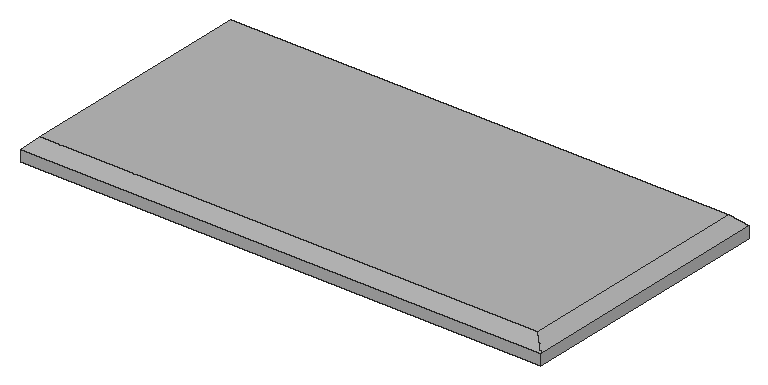
Revit family "Sound Silencer - Ceiling and Wall Panels - Bevel", category Specialty Equipment, Revit 2023
Family settings
  Round Connector Dimension = Use Diameter
  Part Type = Normal
  OmniClass Number = 23.35.00.00
  OmniClass Title = Covering, Cladding, and Finishes
  Work Plane-Based = Yes
  Enable Cutting in Views = Yes
  Always vertical = No
  Cut with Voids When Loaded = No
  Maintain Annotation Orientation = No
  Shared = No
  Room Calculation Point = No
Parameters (values of type "2 INCH - 24x48 - Charcoal")
  URL = "https://www.acousticalsurfaces.com/sound-silencer/ceiling-wall-panel/"
  Type Comments = "Acoustical Panels"
  Thickness = 0' - 2"
  Recycled Content Percentage = "0%"
  Model = "Sound Silence Acoustical Panels"
  Material = "Sound Silencer"
  Manufacturer = "Acoustical Surfaces, Inc."
  Fire Rating = "ASTM E84 - Class A"
  Finish = Paint - Acoustical-Surfaces - Sound Silencer - Charcoal
  Description = "Acoustical Panels"
  Default Elevation = 4' - 0"
  Width = 2' - 0"
  Length = 4' - 0"
  Assembly Code = "C30"
  Acoustics - NRC = "Sound absorption varies from NRC 0.45 to 0.95 based on installation method used when tested per ASTM C423."
  A = Thickness / 2  # 0' - 1"
Types (8): name | Thickness | Finish | Length | A
  2 INCH - 24x48 - Charcoal | 0' - 2" | Paint - Acoustical-Surfaces - Sound Silencer - Charcoal | 4' - 0" | 0' - 1"
  2 INCH - 24x48 - White | 0' - 2" | Paint - Acoustical-Surfaces - Sound Silencer - White | 4' - 0" | 0' - 1"
  1 INCH - 24x48 - Charcoal | 0' - 1" | Paint - Acoustical-Surfaces - Sound Silencer - Charcoal | 4' - 0" | 0' - 0 1/2"
  1 INCH - 24x48 - White | 0' - 1" | Paint - Acoustical-Surfaces - Sound Silencer - White | 4' - 0" | 0' - 0 1/2"
  1 INCH - 24x24 - Charcoal | 0' - 1" | Paint - Acoustical-Surfaces - Sound Silencer - Charcoal | 2' - 0" | 0' - 0 1/2"
  2 INCH - 24x24 - Charcoal | 0' - 2" | Paint - Acoustical-Surfaces - Sound Silencer - Charcoal | 2' - 0" | 0' - 1"
  2 INCH - 24x24 - White | 0' - 2" | Paint - Acoustical-Surfaces - Sound Silencer - White | 2' - 0" | 0' - 1"
  1 INCH - 24x24 - White | 0' - 1" | Paint - Acoustical-Surfaces - Sound Silencer - White | 2' - 0" | 0' - 0 1/2"
Reference planes (in)
  plane 1 "Center (Front/Back)": y = 0
  plane 2: z = 0
  plane 3 "Center (Left/Right)": x = 0
  plane 4: x = -24
  plane 5: x = 24
  plane 6: y = 12
  plane 7: y = -12
  plane 8: z = 2
Forms (in)
  Extrusion 1, solid, material "Paint - Acoustical-Surfaces - Sound Silencer - Charcoal" <- "Finish"
    sketch origin (0, 0, 0) x (1, 0, 0) y (0, 1, 0)
      loop
        line (24, 12) -> (-24, 12) -> (-24, -12) -> (24, -12) -> (24, 12)
    from 0 to 2
  Sweep 2, void
    path in 3D
      loop
        line (24, 12, 2) -> (-24, 12, 2) -> (-24, -12, 2) -> (24, -12, 2) -> (24, 12, 2)
    profile "Triangle : Family2" origin (24, 0, 2) x (-1, 0, 0) y (0, 0, 1)
      loop
        line (1, 0) -> (0, 0) -> (0, -1) -> (1, 0)
Cuts and joins
  Sweep 2 cuts Extrusion 1
Lines and regions (in)
  sketch lines
    curve 1: line (24, -12, 2) -> (24, 12, 2)
    curve 2: line (-24, -12, 2) -> (24, -12, 2)
    curve 3: line (-24, 12, 2) -> (-24, -12, 2)
    curve 4: line (24, 12, 2) -> (-24, 12, 2)
Dimensions and locks (in)
  equal spacing: plane 4, plane 3 "Center (Left/Right)", plane 5
  equal spacing: plane 7, plane 1 "Center (Front/Back)", plane 6
  "Width": plane 7 to plane 6
  "Length": plane 4 to plane 5
  "Thickness": plane 8 to level
  aligned and locked: level to plane 2
  aligned and locked: Extrusion 1 sketch curve to plane 4
  aligned and locked: plane 5 to Extrusion 1 sketch curve
  aligned and locked: Extrusion 1 sketch curve to plane 6
  aligned and locked: Extrusion 1 sketch curve to plane 7
  aligned and locked: Extrusion 1 to plane 8
